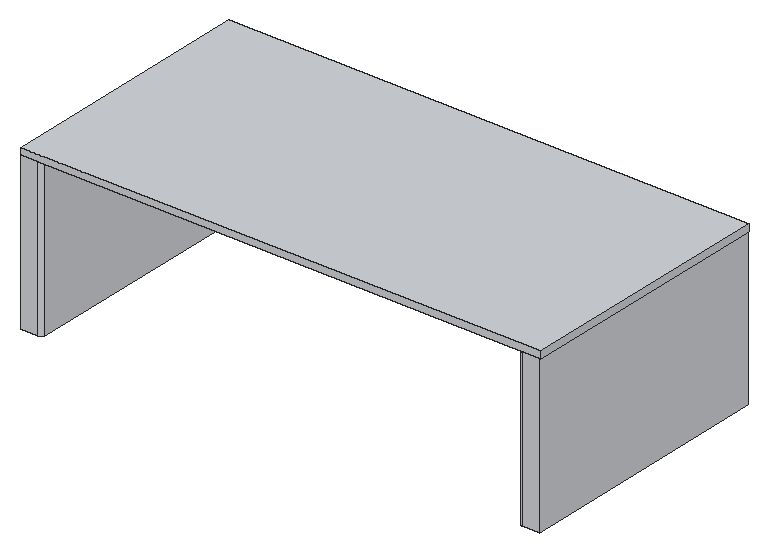
Revit family "Bernhardt_Design-Tables-Freestanding-Block_30h-Blueprint", category Furniture, Revit 2016
Family settings
  OmniClass Number = 23.40.20.00
  OmniClass Title = General Furniture and Specialties
  Work Plane-Based = No
  Always vertical = Yes
  Cut with Voids When Loaded = No
  Shared = No
  Room Calculation Point = No
Parameters (values of type "BPS-AKC-CCSQ000")
  Wood = none
  URL = "http://www.bernhardtdesign.com"
  TotalWidth = 96"
  TotalDepth = 48"
  TableWidth = TotalWidth / 2  # 48"
  TableTopHeight = TotalHeight - 1 1/4"  # 28 3/4"
  TotalHeight = 30"
  TableTop = none
  TableDepth = TotalDepth / 2  # 24"
  Spacer_96in = yes
  Spacer_72in = yes
  Spacer_120in = no
  SKU = "BPS-AKC-CCSQ000"
  RailCapFront = RailCap + 2"  # 2"
  RailCap = 0"
  Model = "Blueprint"  # constant formula
  Manufacturer = "Bernhardt Design"  # constant formula
  Railing_bottom = -Railing_top  # -42"
  Railing_top = CapDistance - 2"  # 42"
  LegDistance = 20"
  LegHeight = TableTopHeight  # 28 3/4"
  Copyright © = "Copyright © Bernhardt Design"  # constant formula
  Catalog = SKU  # "BPS-AKC-CCSQ000"
  CapDistance = 44"
  Blueprint Gray = Blueprint Gray
  BlackPaint = Black Paint
  Authoring Version = "Autodesk Revit 2016"  # constant formula
Types (9): name | TotalWidth | TotalDepth | TableWidth | TableDepth | Spacer_96in | SKU | Railing_bottom | Railing_top | Catalog | CapDistance
  BPS-AGA-CCSQ000 | 72" | 36" | 36" | 18" | no | "BPS-AGA-CCSQ000" | -30" | 30" | "BPS-AGA-CCSQ000" | 32"
  BPS-AKA-CCSQ000 | 96" | 36" | 48" | 18" | yes | "BPS-AKA-CCSQ000" | -42" | 42" | "BPS-AKA-CCSQ000" | 44"
  BPS-A0A-CCSQ000 | 120" | 36" | 60" | 18" | yes | "BPS-A0A-CCSQ000" | -54" | 54" | "BPS-A0A-CCSQ000" | 56"
  BPS-AGB-CCSQ000 | 72" | 42" | 36" | 21" | no | "BPS-AGB-CCSQ000" | -30" | 30" | "BPS-AGB-CCSQ000" | 32"
  BPS-A0B-CCSQ000 | 120" | 42" | 60" | 21" | yes | "BPS-A0B-CCSQ000" | -54" | 54" | "BPS-A0B-CCSQ000" | 56"
  BPS-AKB-CCSQ000 | 96" | 42" | 48" | 21" | yes | "BPS-AKB-CCSQ000" | -42" | 42" | "BPS-AKB-CCSQ000" | 44"
  BPS-A0C-CCSQ000 | 120" | 48" | 60" | 24" | yes | "BPS-A0C-CCSQ000" | -54" | 54" | "BPS-A0C-CCSQ000" | 56"
  BPS-AGC-CCSQ000 | 72" | 48" | 36" | 24" | no | "BPS-AGC-CCSQ000" | -30" | 30" | "BPS-AGC-CCSQ000" | 32"
  BPS-AKC-CCSQ000 | 96" | 48" | 48" | 24" | yes | "BPS-AKC-CCSQ000" | -42" | 42" | "BPS-AKC-CCSQ000" | 44"
Reference planes (in)
  plane 1 "Center Front/Back": y = 0
  plane 2: z = 0
  plane 3 "Center Left/Right": x = 0
  plane 4 "railTop_plane": z = 27.8248
  plane 5 "TableTop_plane": z = 30
  plane 6 "tableBottom_plane": z = 28.75
  plane 7 "railBottom_plane": z = 25.79724
  plane 8 "Crossbar_top_plane": y = 12.06057
  plane 9 "Crossbar_bottom_plane": y = -12.16143
  plane 10 "width_left_plane": x = -48
  plane 11 "width_right_plane": x = 48
  plane 12 "depth_top_plane": y = 24
  plane 13 "depth_bottom_plane": y = -24
  plane 14 "RailEnd_right_plane": x = 44
  plane 15 "RailEnd_left_plane": x = -44
  plane 16 "EndCap_right_plane": x = 45.74932
  plane 17 "EndCap_left_plane": x = -45.74269
Forms (in)
  Extrusion 1, solid, material <- "TableTop"
    sketch origin (0, 0, 0) x (1, 0, 0) y (0, 1, 0)
      loop
        line (-48, 24) -> (-48, -24) -> (48, -24) -> (48, 24) -> (-48, 24)
    from 30 <- "TotalHeight" to 28.75 <- "TableTopHeight"
  Extrusion 2, solid, material "Blueprint Gray" <- "Blueprint Gray"
    sketch origin (0, -6.68362, 17.41142) x (0, -1, 0) y (0, 0, 1)
      loop
        arc (-0.89738, 10.41338) -> (-0.95224, 10.39066) -> (-0.97496, 10.3358) r 0.07758
        line (-0.97496, 10.3358) -> (-0.97496, 8.46243)
        arc (-0.97496, 8.46243) -> (-0.95253, 8.40826) -> (-0.89836, 8.38583) r 0.0766
        line (-0.89836, 8.38583) -> (0.74076, 8.38583)
        arc (0.74076, 8.38583) -> (0.79557, 8.40853) -> (0.81827, 8.46334) r 0.07751
        line (0.81827, 8.46334) -> (0.81827, 10.334)
        arc (0.81827, 10.334) -> (0.79502, 10.39013) -> (0.73889, 10.41338) r 0.07938
        line (0.73889, 10.41338) -> (-0.89738, 10.41338)
      loop
        arc (-14.10793, 10.41338) -> (-14.16279, 10.39066) -> (-14.18551, 10.3358) r 0.07758
        line (-14.18551, 10.3358) -> (-14.18551, 8.46243)
        arc (-14.18551, 8.46243) -> (-14.16307, 8.40826) -> (-14.10891, 8.38583) r 0.0766
        line (-14.10891, 8.38583) -> (-12.46979, 8.38583)
        arc (-12.46979, 8.38583) -> (-12.41498, 8.40853) -> (-12.39228, 8.46334) r 0.07751
        line (-12.39228, 8.46334) -> (-12.39228, 10.334)
        arc (-12.39228, 10.334) -> (-12.41553, 10.39013) -> (-12.47166, 10.41338) r 0.07938
        line (-12.47166, 10.41338) -> (-14.10793, 10.41338)
    from -42 <- "Railing_bottom" to 42 <- "Railing_top"
  Extrusion 3, solid, material "Blueprint Gray" <- "Blueprint Gray"
    sketch origin (44, 0, 0) x (0, 0, -1) y (0, -1, 0)
      loop
        line (-28.75, -7.53436) -> (-25.7432, -7.53436) -> (-25.7432, -5.65936) -> (-28.75, -5.65936) -> (-28.75, -7.53436)
      loop
        line (-28.75, 5.66998) -> (-25.7432, 5.66998) -> (-25.7432, 7.53436) -> (-28.75, 7.53436) -> (-28.75, 5.66998)
    from 0 <- "RailCap" to 2 <- "RailCapFront"
  Extrusion 4, solid, material "Blueprint Gray" <- "Blueprint Gray"
    sketch origin (-44, 0, 0) x (0, 0, 1) y (0, -1, 0)
      loop
        line (28.75, -7.53436) -> (28.75, -5.65936) -> (25.7432, -5.65936) -> (25.7432, -7.53436) -> (28.75, -7.53436)
      loop
        line (28.75, 5.66998) -> (28.75, 7.53436) -> (25.7432, 7.53436) -> (25.7432, 5.66998) -> (28.75, 5.66998)
    from 0 <- "RailCap" to 2 <- "RailCapFront"
  Extrusion 5, solid, material "Blueprint Gray" <- "Blueprint Gray", visible <- "Spacer_72in"
    sketch origin (13.14909, 0, 0) x (0, -1, 0) y (0, 0, 1)
      loop
        line (-7.50051, 28.75) -> (-7.50051, 27.8248) -> (-5.67329, 27.8248) -> (-5.67329, 28.75) -> (-7.50051, 28.75)
      loop
        line (5.66998, 28.75) -> (5.66998, 27.8248) -> (7.49719, 27.8248) -> (7.49719, 28.75) -> (5.66998, 28.75)
    from 12.39763 to 13.89763
  Extrusion 6, solid, material "Blueprint Gray" <- "Blueprint Gray", visible <- "Spacer_72in"
    sketch origin (-31.18161, 0, 0) x (0, -1, 0) y (0, 0, -1)
      loop
        line (-7.50051, -28.75) -> (-5.67329, -28.75) -> (-5.67329, -27.8248) -> (-7.50051, -27.8248) -> (-7.50051, -28.75)
      loop
        line (5.66998, -28.75) -> (7.49719, -28.75) -> (7.49719, -27.8248) -> (5.66998, -27.8248) -> (5.66998, -28.75)
    from 12.39763 to 13.89763
  Extrusion 7, solid, material "Blueprint Gray" <- "Blueprint Gray", visible <- "Spacer_72in"
    sketch origin (31.18451, 0, 0) x (0, -1, 0) y (0, 0, 1)
      loop
        line (-7.50051, 28.75) -> (-7.50051, 27.8248) -> (-5.67329, 27.8248) -> (-5.67329, 28.75) -> (-7.50051, 28.75)
      loop
        line (5.66998, 28.75) -> (5.66998, 27.8248) -> (7.49719, 27.8248) -> (7.49719, 28.75) -> (5.66998, 28.75)
    from 12.39763 to 13.89763
  Extrusion 8, solid
    sketch origin (-12, -2, 0) x (-1, 0, 0) y (0, -1, 0)
      loop
        line (36, -26) -> (36, 22) -> (32.82201, 22)
        arc (32.82201, 22) -> (32.32077, 21.84235) -> (32, 21.42617) r 0.87568
        line (32, 21.42617) -> (32, -25.4173)
        arc (32, -25.4173) -> (32.31822, -25.83955) -> (32.82201, -26) r 0.87116
        line (32.82201, -26) -> (36, -26)
    from 0 to 28.75 <- "LegHeight"
  Extrusion 9, solid
    sketch origin (12, 0, 0) x (1, 0, 0) y (0, 1, 0)
      loop
        line (36, 24) -> (32.82201, 24)
        arc (32.82201, 24) -> (32.31822, 23.83955) -> (32, 23.4173) r 0.87116
        line (32, 23.4173) -> (32, -23.42617)
        arc (32, -23.42617) -> (32.32077, -23.84235) -> (32.82201, -24) r 0.87568
        line (32.82201, -24) -> (36, -24) -> (36, 24)
    from 0 to 28.75 <- "LegHeight"
  Extrusion 10, solid, material "Blueprint Gray" <- "Blueprint Gray", visible <- "Spacer_96in"
    sketch origin (-49.21996, 0, 0) x (0, -1, 0) y (0, 0, -1)
      loop
        line (-7.50051, -28.75) -> (-5.67329, -28.75) -> (-5.67329, -27.8248) -> (-7.50051, -27.8248) -> (-7.50051, -28.75)
      loop
        line (5.66998, -28.75) -> (7.49719, -28.75) -> (7.49719, -27.8248) -> (5.66998, -27.8248) -> (5.66998, -28.75)
    from 12.39763 to 13.89763
  Extrusion 11, solid, material "Blueprint Gray" <- "Blueprint Gray", visible <- "Spacer_96in"
    sketch origin (49.21994, 0, 0) x (0, -1, 0) y (0, 0, 1)
      loop
        line (-7.50051, 28.75) -> (-7.50051, 27.8248) -> (-5.67329, 27.8248) -> (-5.67329, 28.75) -> (-7.50051, 28.75)
      loop
        line (5.66998, 28.75) -> (5.66998, 27.8248) -> (7.49719, 27.8248) -> (7.49719, 28.75) -> (5.66998, 28.75)
    from 12.39763 to 13.89763
Dimensions and locks (in)
  "TotalHeight": plane 5 "TableTop_plane" to level
  "TableDepth": plane 1 "Center Front/Back" to plane 12 "depth_top_plane"
  "TableDepth": plane 13 "depth_bottom_plane" to plane 1 "Center Front/Back"
  "TableWidth": plane 10 "width_left_plane" to plane 3 "Center Left/Right"
  "TableWidth": plane 3 "Center Left/Right" to plane 11 "width_right_plane"
  locked: plane 17 "EndCap_left_plane" to plane 15 "RailEnd_left_plane" at 1.74269
  locked: plane 14 "RailEnd_right_plane" to plane 16 "EndCap_right_plane" at 1.74932
  "CapDistance": plane 15 "RailEnd_left_plane" to plane 3 "Center Left/Right"
  "CapDistance": plane 3 "Center Left/Right" to plane 14 "RailEnd_right_plane"
  locked: plane 5 "TableTop_plane" to plane 7 "railBottom_plane" at 4.20276
  locked: plane 4 "railTop_plane" to plane 7 "railBottom_plane" at 2.02756
  locked: plane 6 "tableBottom_plane" to plane 4 "railTop_plane" at 0.9252
  "TotalDepth": Extrusion 8 sketch curve to Extrusion 8 sketch curve
  "TableDepth": plane 1 "Center Front/Back" to Extrusion 8
  "TotalDepth": Extrusion 9 sketch curve to Extrusion 9 sketch curve
  "TableDepth": plane 1 "Center Front/Back" to Extrusion 9
  aligned and locked: level to plane 2
  aligned and locked: Extrusion 1 to plane 12 "depth_top_plane"
  aligned and locked: plane 11 "width_right_plane" to Extrusion 1
  aligned and locked: Extrusion 1 to plane 10 "width_left_plane"
  aligned and locked: plane 13 "depth_bottom_plane" to Extrusion 1
  aligned and locked: Extrusion 8 to Extrusion 1
  aligned and locked: Extrusion 9 to Extrusion 1
Automatic sketch dimensions
  Extrusion 1 sketch curve to plane 10 "width_left_plane" = 0"
  Extrusion 1 sketch curve to plane 11 "width_right_plane" = 0"
  plane 13 "depth_bottom_plane" to Extrusion 1 sketch curve = 0"
  plane 12 "depth_top_plane" to Extrusion 1 sketch curve = 0"
  plane 7 "railBottom_plane" to Extrusion 2 sketch curve = 0"  (x2)
  plane 4 "railTop_plane" to Extrusion 2 sketch curve = 0"  (x2)
  Extrusion 2 sketch curve to plane 7 "railBottom_plane" = 0.0766"  (x2)
  Extrusion 2 sketch curve to plane 8 "Crossbar_top_plane" = 4.55867"
  Extrusion 2 sketch curve to Extrusion 2 sketch curve = 0.07758"
  Extrusion 2 sketch curve to Extrusion 2 sketch curve = 1.63627"  (x2)
  Extrusion 2 sketch curve to plane 7 "railBottom_plane" = 0.07751"  (x2)
  Extrusion 2 sketch curve to Extrusion 2 sketch curve = 1.63912"  (x2)
  plane 4 "railTop_plane" to Extrusion 2 sketch curve = 0.07758"
  plane 1 "Center Front/Back" to Extrusion 2 sketch curve = 5.70865"
  Extrusion 3 sketch curve to plane 6 "tableBottom_plane" = 0"  (x2)
  plane 7 "railBottom_plane" to Extrusion 3 sketch curve = 0.05404"  (x2)
  Extrusion 3 sketch curve to plane 8 "Crossbar_top_plane" = 4.52621"
  Extrusion 3 sketch curve to Extrusion 3 sketch curve = 1 7/8"
  plane 1 "Center Front/Back" to Extrusion 3 sketch curve = 5.66998"
  Extrusion 3 sketch curve to Extrusion 3 sketch curve = 1.86438"
  Extrusion 4 sketch curve to plane 6 "tableBottom_plane" = 0"  (x2)
  plane 7 "railBottom_plane" to Extrusion 4 sketch curve = 0.05404"  (x2)
  Extrusion 4 sketch curve to plane 8 "Crossbar_top_plane" = 4.52621"
  Extrusion 4 sketch curve to Extrusion 4 sketch curve = 1 7/8"
  plane 1 "Center Front/Back" to Extrusion 4 sketch curve = 5.66998"
  Extrusion 4 sketch curve to Extrusion 4 sketch curve = 1.86438"
  plane 4 "railTop_plane" to Extrusion 5 sketch curve = 0"  (x2)
  Extrusion 5 sketch curve to plane 6 "tableBottom_plane" = 0"  (x2)
  Extrusion 5 sketch curve to plane 8 "Crossbar_top_plane" = 4.56006"
  Extrusion 5 sketch curve to Extrusion 5 sketch curve = 1.82721"  (x2)
  plane 1 "Center Front/Back" to Extrusion 5 sketch curve = 5.66998"
  plane 4 "railTop_plane" to Extrusion 6 sketch curve = 0"  (x2)
  Extrusion 6 sketch curve to plane 6 "tableBottom_plane" = 0"  (x2)
  Extrusion 6 sketch curve to plane 8 "Crossbar_top_plane" = 4.56006"
  Extrusion 6 sketch curve to Extrusion 6 sketch curve = 1.82721"  (x2)
  plane 1 "Center Front/Back" to Extrusion 6 sketch curve = 5.66998"
  plane 4 "railTop_plane" to Extrusion 7 sketch curve = 0"  (x2)
  Extrusion 7 sketch curve to plane 6 "tableBottom_plane" = 0"  (x2)
  Extrusion 7 sketch curve to plane 8 "Crossbar_top_plane" = 4.56006"
  Extrusion 7 sketch curve to Extrusion 7 sketch curve = 1.82721"  (x2)
  plane 1 "Center Front/Back" to Extrusion 7 sketch curve = 5.66998"
  plane 4 "railTop_plane" to Extrusion 10 sketch curve = 0"  (x2)
  Extrusion 10 sketch curve to plane 6 "tableBottom_plane" = 0"  (x2)
  Extrusion 10 sketch curve to plane 8 "Crossbar_top_plane" = 4.56006"
  Extrusion 10 sketch curve to Extrusion 10 sketch curve = 1.82721"  (x2)
  plane 1 "Center Front/Back" to Extrusion 10 sketch curve = 5.66998"
  plane 4 "railTop_plane" to Extrusion 11 sketch curve = 0"  (x2)
  Extrusion 11 sketch curve to plane 6 "tableBottom_plane" = 0"  (x2)
  Extrusion 11 sketch curve to plane 8 "Crossbar_top_plane" = 4.56006"
  Extrusion 11 sketch curve to Extrusion 11 sketch curve = 1.82721"  (x2)
  plane 1 "Center Front/Back" to Extrusion 11 sketch curve = 5.66998"
  Extrusion 8 sketch curve to plane 15 "RailEnd_left_plane" = 0"
  plane 12 "depth_top_plane" to Extrusion 8 sketch curve = 0"
  Extrusion 8 sketch curve to plane 10 "width_left_plane" = 0"
  Extrusion 8 sketch curve to plane 15 "RailEnd_left_plane" = 0.82201"  (x2)
  plane 12 "depth_top_plane" to Extrusion 8 sketch curve = 0.5827"
  Extrusion 8 sketch curve to plane 13 "depth_bottom_plane" = 0.87568"
  Extrusion 9 sketch curve to plane 14 "RailEnd_right_plane" = 0"
  plane 12 "depth_top_plane" to Extrusion 9 sketch curve = 0"
  Extrusion 9 sketch curve to plane 11 "width_right_plane" = 0"
  Extrusion 9 sketch curve to plane 14 "RailEnd_right_plane" = 0.82201"  (x2)
  Extrusion 9 sketch curve to plane 13 "depth_bottom_plane" = 0.57383"
  Extrusion 9 sketch curve to Extrusion 9 sketch curve = 0.87116"
